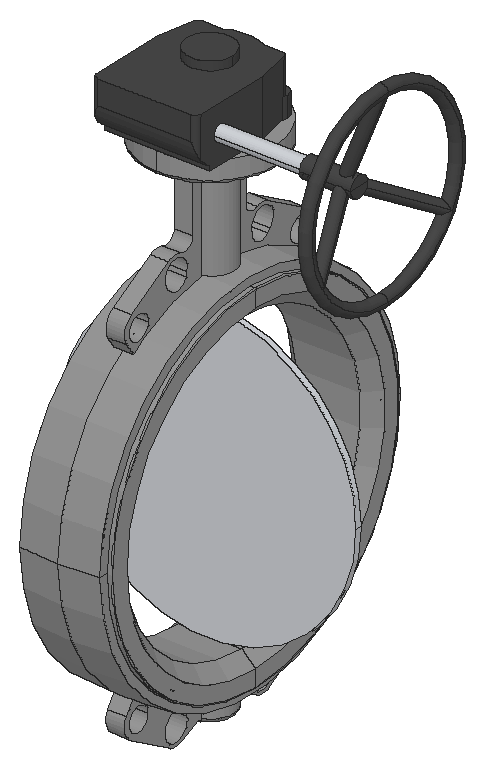
Revit family "HERZ Isolating Butterfly Valves ZF-4219 with gearbox", category Rohrzubehör, Revit 2021 (continued)
Automatic sketch dimensions
  Extrusion 8 sketch curve to Extrusion 8 sketch curve = 0.007 mm  (x2)
  Extrusion 8 sketch curve to Extrusion 8 sketch curve = 11.662 mm  (x2)
  Extrusion 8 sketch curve to Extrusion 8 sketch curve = 7.405 mm
  Extrusion 8 sketch curve to Extrusion 8 sketch curve = 9.76 mm  (x2)
  Extrusion 8 sketch curve to Extrusion 8 sketch curve = 46.144 mm
  Extrusion 8 sketch curve to Extrusion 8 sketch curve = 0.006 mm
  Extrusion 8 sketch curve to Extrusion 8 sketch curve = 0.159 mm  (x2)
  Extrusion 8 sketch curve to Extrusion 8 sketch curve = 0.225 mm  (x2)
  Extrusion 8 sketch curve to Extrusion 8 sketch curve = 3.156 mm
  Extrusion 7 sketch curve to Extrusion 7 sketch curve = 0 mm  (x29)
  Extrusion 7 sketch curve to level = 0 mm
  Extrusion 7 sketch curve to plane 1 "Mitte (Vorne/hinten)" = 0 mm
  Extrusion 7 sketch curve to Extrusion 7 sketch curve = 4.987 mm  (x2)
  plane 1 "Mitte (Vorne/hinten)" to Extrusion 7 sketch curve = 42.642 mm
  Extrusion 7 sketch curve to Extrusion 7 sketch curve = 3.28 mm  (x2)
  Extrusion 7 sketch curve to Extrusion 7 sketch curve = 14.935 mm  (x2)
  Extrusion 7 sketch curve to Extrusion 7 sketch curve = 11.589 mm  (x2)
  Extrusion 7 sketch curve to Extrusion 7 sketch curve = 14.868 mm  (x2)
  Extrusion 7 sketch curve to Extrusion 7 sketch curve = 33.628 mm  (x4)
  Extrusion 7 sketch curve to Extrusion 7 sketch curve = 3.946 mm  (x4)
  Extrusion 7 sketch curve to Extrusion 7 sketch curve = 12.021 mm  (x8)
  Extrusion 7 sketch curve to Extrusion 7 sketch curve = 8.075 mm  (x8)
  plane 1 "Mitte (Vorne/hinten)" to Extrusion 7 sketch curve = 21.03 mm
  Extrusion 7 sketch curve to Extrusion 7 sketch curve = 5.5 mm
  Extrusion 7 sketch curve to Extrusion 7 sketch curve = 0.54 mm  (x2)
  Extrusion 7 sketch curve to Extrusion 7 sketch curve = 0.103 mm
  Extrusion 7 sketch curve to Extrusion 7 sketch curve = 1.99 mm  (x2)
  plane 1 "Mitte (Vorne/hinten)" to Extrusion 7 sketch curve = 18.5 mm
  Extrusion 7 sketch curve to plane 1 "Mitte (Vorne/hinten)" = 18.5 mm  (x2)
  Extrusion 7 sketch curve to Extrusion 7 sketch curve = 1.897 mm
  Extrusion 7 sketch curve to Extrusion 7 sketch curve = 2 mm
  Extrusion 7 sketch curve to Extrusion 7 sketch curve = 21.612 mm
  Extrusion 7 sketch curve to level = 59.454 mm  (x2)
  Extrusion 7 sketch curve to Extrusion 7 sketch curve = 10.049 mm  (x4)
  Extrusion 7 sketch curve to Extrusion 7 sketch curve = 20.666 mm  (x2)
  Extrusion 7 sketch curve to Extrusion 7 sketch curve = 1.725 mm  (x2)
  Extrusion 7 sketch curve to Extrusion 7 sketch curve = 12.438 mm  (x4)
  level to Extrusion 7 sketch curve = 59.454 mm  (x2)
  Extrusion 7 sketch curve to Extrusion 7 sketch curve = 15.768 mm  (x2)
  Extrusion 7 sketch curve to Extrusion 7 sketch curve = 0.361 mm  (x2)
  Extrusion 7 sketch curve to Extrusion 7 sketch curve = 69.242 mm
  Extrusion 7 sketch curve to Extrusion 7 sketch curve = 0.014 mm
  Extrusion 7 sketch curve to Extrusion 7 sketch curve = 0.29 mm  (x2)
  Extrusion 6 sketch curve to Extrusion 6 sketch curve = 0 mm  (x31)
  Extrusion 6 sketch curve to level = 0 mm
  Extrusion 6 sketch curve to plane 1 "Mitte (Vorne/hinten)" = 0 mm
  plane 1 "Mitte (Vorne/hinten)" to Extrusion 6 sketch curve = 18.5 mm  (x2)
  Extrusion 6 sketch curve to Extrusion 6 sketch curve = 1.897 mm  (x2)
  Extrusion 6 sketch curve to Extrusion 6 sketch curve = 2 mm
  Extrusion 6 sketch curve to Extrusion 6 sketch curve = 4.154 mm  (x2)
  Extrusion 6 sketch curve to Extrusion 6 sketch curve = 5.603 mm
  Extrusion 6 sketch curve to Extrusion 6 sketch curve = 12 mm  (x2)
  Extrusion 6 sketch curve to Extrusion 6 sketch curve = 21.682 mm  (x2)
  Extrusion 6 sketch curve to Extrusion 6 sketch curve = 2.182 mm  (x2)
  Extrusion 6 sketch curve to Extrusion 6 sketch curve = 11.109 mm  (x4)
  Extrusion 6 sketch curve to Extrusion 6 sketch curve = 30.529 mm  (x4)
  Extrusion 6 sketch curve to Extrusion 6 sketch curve = 4.781 mm  (x4)
  Extrusion 6 sketch curve to Extrusion 6 sketch curve = 1.414 mm  (x8)
  Extrusion 6 sketch curve to Extrusion 6 sketch curve = 7.24 mm  (x8)
  Extrusion 6 sketch curve to Extrusion 6 sketch curve = 12.021 mm  (x8)
  Extrusion 6 sketch curve to plane 1 "Mitte (Vorne/hinten)" = 18.5 mm
  Extrusion 6 sketch curve to Extrusion 6 sketch curve = 7.5 mm
  Extrusion 6 sketch curve to Extrusion 6 sketch curve = 0.103 mm
  Extrusion 6 sketch curve to level = 50.036 mm  (x2)
  Extrusion 6 sketch curve to Extrusion 6 sketch curve = 17.112 mm  (x2)
  Extrusion 6 sketch curve to Extrusion 6 sketch curve = 9.185 mm  (x4)
  Extrusion 6 sketch curve to Extrusion 6 sketch curve = 20.608 mm  (x2)
  Extrusion 6 sketch curve to Extrusion 6 sketch curve = 12.868 mm  (x3)
  Extrusion 6 sketch curve to Extrusion 6 sketch curve = 9.096 mm  (x2)
  level to Extrusion 6 sketch curve = 50.036 mm  (x2)
  Extrusion 6 sketch curve to Extrusion 6 sketch curve = 17 mm
  Extrusion 6 sketch curve to Extrusion 6 sketch curve = 56.845 mm
  Extrusion 6 sketch curve to Extrusion 6 sketch curve = 0.017 mm
  Extrusion 6 sketch curve to Extrusion 6 sketch curve = 0.29 mm  (x2)
  Extrusion 5 sketch curve to Extrusion 5 sketch curve = 0 mm  (x25)
  Extrusion 5 sketch curve to level = 0 mm
  Extrusion 5 sketch curve to plane 1 "Mitte (Vorne/hinten)" = 0 mm
  plane 1 "Mitte (Vorne/hinten)" to Extrusion 5 sketch curve = 18.5 mm  (x2)
  Extrusion 5 sketch curve to Extrusion 5 sketch curve = 0.579 mm  (x2)
  Extrusion 5 sketch curve to Extrusion 5 sketch curve = 1.897 mm  (x2)
  Extrusion 5 sketch curve to Extrusion 5 sketch curve = 0.103 mm
  Extrusion 5 sketch curve to Extrusion 5 sketch curve = 5.603 mm
  Extrusion 5 sketch curve to Extrusion 5 sketch curve = 15.942 mm  (x4)
  Extrusion 5 sketch curve to Extrusion 5 sketch curve = 13 mm  (x2)
  Extrusion 5 sketch curve to Extrusion 5 sketch curve = 11.367 mm  (x4)
  Extrusion 5 sketch curve to Extrusion 5 sketch curve = 25.663 mm  (x4)
  Extrusion 5 sketch curve to Extrusion 5 sketch curve = 4.027 mm  (x4)
  Extrusion 5 sketch curve to Extrusion 5 sketch curve = 12.021 mm  (x5)
  Extrusion 5 sketch curve to Extrusion 5 sketch curve = 9.55 mm  (x4)
  Extrusion 5 sketch curve to Extrusion 5 sketch curve = 7.5 mm
  Extrusion 5 sketch curve to plane 1 "Mitte (Vorne/hinten)" = 18.5 mm  (x2)
  Extrusion 5 sketch curve to Extrusion 5 sketch curve = 2 mm
  Extrusion 5 sketch curve to level = 38.887 mm  (x2)
  Extrusion 5 sketch curve to Extrusion 5 sketch curve = 10.986 mm  (x3)
  Extrusion 5 sketch curve to Extrusion 5 sketch curve = 10.231 mm  (x3)
  Extrusion 5 sketch curve to Extrusion 5 sketch curve = 10.467 mm  (x4)
  Extrusion 5 sketch curve to Extrusion 5 sketch curve = 12.18 mm  (x2)
  Extrusion 5 sketch curve to Extrusion 5 sketch curve = 12.641 mm  (x4)
  Extrusion 5 sketch curve to Extrusion 5 sketch curve = 9.983 mm  (x2)
  level to Extrusion 5 sketch curve = 38.887 mm  (x2)
  Extrusion 5 sketch curve to Extrusion 5 sketch curve = 21.217 mm
  Extrusion 5 sketch curve to Extrusion 5 sketch curve = 16.969 mm  (x2)
  Extrusion 5 sketch curve to Extrusion 5 sketch curve = 51.117 mm
  Extrusion 5 sketch curve to Extrusion 5 sketch curve = 0.01 mm
  Extrusion 5 sketch curve to Extrusion 5 sketch curve = 0.29 mm  (x2)
  level to Extrusion 5 sketch curve = 49.873 mm
  Extrusion 4 sketch curve to Extrusion 4 sketch curve = 0 mm  (x28)
  Extrusion 4 sketch curve to level = 0 mm
  Extrusion 4 sketch curve to plane 1 "Mitte (Vorne/hinten)" = 0 mm
  plane 1 "Mitte (Vorne/hinten)" to Extrusion 4 sketch curve = 18.5 mm  (x2)
  Extrusion 4 sketch curve to Extrusion 4 sketch curve = 1.897 mm  (x2)
  Extrusion 4 sketch curve to Extrusion 4 sketch curve = 0.103 mm  (x2)
  Extrusion 4 sketch curve to Extrusion 4 sketch curve = 5.603 mm  (x2)
  Extrusion 4 sketch curve to Extrusion 4 sketch curve = 12.115 mm  (x4)
  Extrusion 4 sketch curve to Extrusion 4 sketch curve = 9 mm  (x2)
  Extrusion 4 sketch curve to Extrusion 4 sketch curve = 11.39 mm  (x2)
  Extrusion 4 sketch curve to Extrusion 4 sketch curve = 7.005 mm  (x2)
  Extrusion 4 sketch curve to Extrusion 4 sketch curve = 22.772 mm  (x4)
  Extrusion 4 sketch curve to Extrusion 4 sketch curve = 4.597 mm  (x4)
  Extrusion 4 sketch curve to Extrusion 4 sketch curve = 1.485 mm  (x4)
  Extrusion 4 sketch curve to Extrusion 4 sketch curve = 12.021 mm  (x4)
  Extrusion 4 sketch curve to Extrusion 4 sketch curve = 9.247 mm  (x4)
  Extrusion 4 sketch curve to plane 1 "Mitte (Vorne/hinten)" = 18.5 mm  (x2)
  Extrusion 4 sketch curve to level = 31.935 mm  (x2)
  Extrusion 4 sketch curve to Extrusion 4 sketch curve = 1.34 mm  (x4)
  Extrusion 4 sketch curve to Extrusion 4 sketch curve = 10.245 mm  (x4)
  Extrusion 4 sketch curve to Extrusion 4 sketch curve = 9.866 mm  (x4)
  Extrusion 4 sketch curve to Extrusion 4 sketch curve = 9.447 mm  (x4)
  Extrusion 4 sketch curve to Extrusion 4 sketch curve = 11.077 mm  (x4)
  Extrusion 4 sketch curve to Extrusion 4 sketch curve = 11.926 mm  (x2)
  level to Extrusion 4 sketch curve = 31.935 mm  (x2)
  Extrusion 4 sketch curve to Extrusion 4 sketch curve = 12.62 mm  (x2)
  Extrusion 4 sketch curve to Extrusion 4 sketch curve = 12.99 mm  (x2)
  Extrusion 4 sketch curve to Extrusion 4 sketch curve = 41.354 mm
  Extrusion 4 sketch curve to Extrusion 4 sketch curve = 0.018 mm
  Extrusion 4 sketch curve to Extrusion 4 sketch curve = 0.29 mm  (x2)
  Extrusion 3 sketch curve to Extrusion 3 sketch curve = 0 mm  (x23)
  Extrusion 3 sketch curve to level = 0 mm
  Extrusion 3 sketch curve to plane 1 "Mitte (Vorne/hinten)" = 0 mm
  plane 1 "Mitte (Vorne/hinten)" to Extrusion 3 sketch curve = 18 mm
  Extrusion 3 sketch curve to Extrusion 3 sketch curve = 1.897 mm  (x2)
  Extrusion 3 sketch curve to Extrusion 3 sketch curve = 0.103 mm  (x2)
  plane 1 "Mitte (Vorne/hinten)" to Extrusion 3 sketch curve = 22.391 mm
  Extrusion 3 sketch curve to Extrusion 3 sketch curve = 1.414 mm  (x14)
  Extrusion 3 sketch curve to Extrusion 3 sketch curve = 6.103 mm  (x2)
  Extrusion 3 sketch curve to Extrusion 3 sketch curve = 2 mm  (x2)
  Extrusion 3 sketch curve to Extrusion 3 sketch curve = 7.709 mm  (x4)
  Extrusion 3 sketch curve to Extrusion 3 sketch curve = 13.318 mm  (x5)
  Extrusion 3 sketch curve to Extrusion 3 sketch curve = 15.842 mm  (x5)
  Extrusion 3 sketch curve to Extrusion 3 sketch curve = 10.233 mm
  Extrusion 3 sketch curve to Extrusion 3 sketch curve = 3.184 mm  (x7)
  Extrusion 3 sketch curve to Extrusion 3 sketch curve = 6.315 mm  (x8)
  Extrusion 3 sketch curve to Extrusion 3 sketch curve = 3.021 mm  (x4)
  Extrusion 3 sketch curve to Extrusion 3 sketch curve = 5.303 mm  (x8)
  Extrusion 3 sketch curve to level = 23.805 mm  (x2)
  Extrusion 3 sketch curve to Extrusion 3 sketch curve = 3.106 mm  (x6)
  level to Extrusion 3 sketch curve = 23.805 mm  (x2)
  Extrusion 3 sketch curve to Extrusion 3 sketch curve = 6.654 mm  (x4)
  Extrusion 3 sketch curve to Extrusion 3 sketch curve = 9.77 mm  (x4)
  Extrusion 3 sketch curve to plane 1 "Mitte (Vorne/hinten)" = 18 mm
  Extrusion 3 sketch curve to plane 1 "Mitte (Vorne/hinten)" = 22.391 mm
  Extrusion 3 sketch curve to Extrusion 3 sketch curve = 5.708 mm  (x2)
  Extrusion 3 sketch curve to Extrusion 3 sketch curve = 3.131 mm
  level to Extrusion 3 sketch curve = 42.831 mm
  Extrusion 3 sketch curve to Extrusion 3 sketch curve = 4.045 mm
  Extrusion 3 sketch curve to Extrusion 3 sketch curve = 12.379 mm
  Extrusion 3 sketch curve to Extrusion 3 sketch curve = 68.43 mm
  Extrusion 3 sketch curve to Extrusion 3 sketch curve = 0.003 mm
  Extrusion 3 sketch curve to Extrusion 3 sketch curve = 0.316 mm  (x2)
  curve 12 to level = 0 mm
  curve 12 to plane 3 "Mitte (Links/rechts)" = 0 mm
  plane 1 "Mitte (Vorne/hinten)" to curve 6 = 0 mm
  curve 6 to plane 3 "Mitte (Links/rechts)" = 0 mm
  Revolve 1 sketch curve to plane 1 "Mitte (Vorne/hinten)" = 0 mm
  Revolve 1 sketch curve to Revolve 1 sketch curve = 0.987 mm
  Revolve 1 sketch curve to Revolve 1 sketch curve = 1.5 mm  (x4)
  Revolve 1 sketch curve to Revolve 1 sketch curve = 0.513 mm
  Revolve 1 sketch curve to Revolve 1 sketch curve = 0.915 mm  (x2)
  Revolve 1 sketch curve to Revolve 1 sketch curve = 1978.5 mm  (x2)
  Revolve 11 sketch curve to plane 1 "Mitte (Vorne/hinten)" = 0 mm  (x2)
  Revolve 11 sketch curve to Revolve 11 sketch curve = 3 mm
  Revolve 11 sketch curve to Revolve 11 sketch curve = 459.992 mm
  level to Revolve 11 sketch curve = 2741.474 mm
  Revolve 12 sketch curve to plane 1 "Mitte (Vorne/hinten)" = 0 mm  (x3)
  Revolve 12 sketch curve to Revolve 12 sketch curve = 1.895 mm
  Revolve 12 sketch curve to Revolve 12 sketch curve = 2 mm  (x2)
  Revolve 12 sketch curve to Revolve 12 sketch curve = 0.105 mm
  Revolve 12 sketch curve to level = 520.992 mm
  Revolve 12 sketch curve to Revolve 12 sketch curve = 2616.474 mm
  Revolve 13 sketch curve to level = 0 mm
  Revolve 13 sketch curve to Revolve 13 sketch curve = 1.492 mm
  Revolve 13 sketch curve to Revolve 13 sketch curve = 0.18 mm  (x2)
  Revolve 13 sketch curve to Revolve 13 sketch curve = 5.027 mm
  Revolve 13 sketch curve to Revolve 13 sketch curve = 1 mm
  Revolve 13 sketch curve to Revolve 13 sketch curve = 0.999 mm  (x2)
  Revolve 13 sketch curve to Revolve 13 sketch curve = 0.27 mm
  Revolve 13 sketch curve to Revolve 13 sketch curve = 0.957 mm
  Revolve 13 sketch curve to Revolve 13 sketch curve = 1328.99 mm
  Revolve 13 sketch curve to Revolve 13 sketch curve = 1875.983 mm
  Extrusion 14 sketch curve to level = 0 mm
  Extrusion 14 sketch curve to plane 3 "Mitte (Links/rechts)" = 0 mm
  radius of Extrusion 10 sketch curve = 12 mm  (x4)
  radius of Extrusion 9 sketch curve = 9.5 mm  (x4)
  radius of Extrusion 9 sketch curve = 14 mm  (x4)
  radius of Extrusion 7 sketch curve = 11.5 mm  (x4)
  radius of Extrusion 7 sketch curve = 9.5 mm  (x4)
  radius of Extrusion 6 sketch curve = 9.5 mm  (x8)
  radius of Extrusion 5 sketch curve = 9.5 mm  (x8)
  radius of Extrusion 4 sketch curve = 9.5 mm  (x8)
  radius of curve 12 = 7 mm
  radius of curve 6 = 5 mm
Nested families
  nested 1: "Herz-Logo-vorne" at (-23, 0, 197.5), type "Herz-Logo-vorne"
  nested 2: "Getriebe für Klappe DN50-DN200" at (0, 0, 125), visible <- "DN 50", type "Getriebe für Klappe DN50-DN200"
  nested 3: "Getriebe für Klappe DN50-DN200" at (0, 0, 149.5), visible <- "DN 65", type "Getriebe für Klappe DN50-DN200"
  nested 4: "Getriebe für Klappe DN50-DN200" at (0, 0, 156.5), visible <- "DN 80", type "Getriebe für Klappe DN50-DN200"
  nested 5: "Getriebe für Klappe DN50-DN200" at (0, 0, 182), visible <- "DN100", type "Getriebe für Klappe DN50-DN200"
  nested 6: "Getriebe für Klappe DN50-DN200" at (0, 0, 201), visible <- "DN125", type "Getriebe für Klappe DN50-DN200"
  nested 7: "Getriebe für Klappe DN50-DN200" at (0, 0, 214), visible <- "DN150", type "Getriebe für Klappe DN50-DN200"
  nested 8: "Getriebe für Klappe DN50-DN200" at (0, 0, 245), visible <- "DN200", type "Getriebe für Klappe DN50-DN200"
  nested 9: "Getriebe für Klappe DN250-DN300" at (0, 0, 283), visible <- "DN250", type "Getriebe für Klappe DN250-DN300"
  nested 10: "Getriebe für Klappe DN250-DN300" at (0, 0, 308), visible <- "DN300", type "Getriebe für Klappe DN250-DN300"
Connectors
  piping at (44.7, 0, 0), diameter 300, driven by "Nennweite"
    settings: on Revolve 13, index 1, connector inside diameter 609.6 mm, connector length 0 mm, flow factor 0, pipe flow 0.0 L/s, pressure drop 0.0 Pa, fitting loss kfactor 0, connector angle 0.00°, fixture units 0, engagement length 0 mm, angle of deflection 0.00°, flow configuration 0, flow direction 0, fitting loss method 0, system type 29, joint type 0, gender type 0, connector reference index -1, connector utility 0, adjustable connector no, is connector primary yes, connector description ""
  piping at (-44.7, 0, 0), diameter 300, driven by "Nennweite"
    settings: on Revolve 13, index 2, connector inside diameter 609.6 mm, connector length 0 mm, flow factor 0, pipe flow 0.0 L/s, pressure drop 0.0 Pa, fitting loss kfactor 0, connector angle 0.00°, fixture units 0, engagement length 0 mm, angle of deflection 0.00°, flow configuration 0, flow direction 0, fitting loss method 0, system type 29, joint type 0, gender type 0, connector reference index -1, connector utility 0, adjustable connector no, is connector primary no, connector description ""
Definition of nested family "Herz-Logo-vorne"
  Parameters (values of type "Herz-Logo-vorne")
    Default Elevation = 0 mm
  Reference planes
    plane 1 "Mitte (Vorne/hinten)": y = 0
    plane 2: z = 0
    plane 3 "Mitte (Links/rechts)": x = 0
  Forms (mm)
    Extrusion 1, solid
      sketch origin (0.732, -0.018, 0.017) x (0, -1, 0) y (0, 0, 1)
        loop
          line (-0.018, -4.517) -> (4.482, -4.517) -> (4.482, 4.483) -> (-4.518, 4.483) -> (-4.518, -4.517) -> (-0.018, -4.517)
        loop
          line (-0.05, -3.48) -> (3.482, -3.48) -> (3.482, 3.483) -> (-3.518, 3.483) -> (-3.518, -3.48) -> (-0.05, -3.48)
        loop
          arc (-0.018, 2.383) -> (-1.543, 3.287) -> (-3.067, 2.383) r 1.738
          arc (-3.067, 2.383) -> (-3.191, 1.899) -> (-3.067, 1.415) r 1.009
          line (-3.067, 1.415) -> (-0.018, -3.281) -> (3.032, 1.415)
          arc (3.032, 1.415) -> (3.156, 1.899) -> (3.032, 2.383) r 1.009
          arc (3.032, 2.383) -> (1.507, 3.287) -> (-0.018, 2.383) r 1.738
        loop
          arc (1.885, 1.272) -> (2.005, 1.675) -> (1.885, 2.079) r 0.74
          arc (1.885, 2.079) -> (1.265, 2.416) -> (0.644, 2.079) r 0.74
          line (0.644, 2.079) -> (-0.018, 0.97) -> (-0.679, 2.079)
          arc (-0.679, 2.079) -> (-1.3, 2.416) -> (-1.921, 2.079) r 0.74
          arc (-1.921, 2.079) -> (-2.04, 1.675) -> (-1.921, 1.272) r 0.74
          line (-1.921, 1.272) -> (-0.018, -1.658) -> (1.885, 1.272)
      from 0 to 1.5
  Dimensions and locks
    aligned and locked: level to plane 2
Definition of nested family "Getriebe für Klappe DN50-DN200"
  Parameters (values of type "Getriebe für Klappe DN50-DN200")
    W01 = 11.19°  # constant formula
    Default Elevation = 0 mm
    URL = "www.herz-armaturen.at"
    R07 = 92 mm  # constant formula
    R06 = 6 mm  # constant formula
    R05 = 10 mm  # constant formula
    R04 = 7.5 mm  # constant formula
    R03 = 10.5 mm  # constant formula
    R02 = 5.4 mm  # constant formula
    R01 = 44.9 mm  # constant formula
    M01 = 37 mm  # constant formula
    L03 = 52 mm  # constant formula
    L02 = 39.6 mm  # constant formula
    L01 = 80 mm  # constant formula
    Manufacturer = "Herz-Armaturen GmbH"  # constant formula
    H03 = 28.6 mm  # constant formula
    H02 = 20 mm  # constant formula
    H01 = 54 mm  # constant formula
    B05 = 209 mm  # constant formula
    B04 = 22 mm  # constant formula
    B03 = 50 mm  # constant formula
    B02 = 159 mm  # constant formula
    B01 = 51 mm  # constant formula
    A01 = 28.6 mm  # constant formula
  Reference planes
    plane 1 "Mitte (Vorne/hinten)": y = 0
    plane 2: z = 0
    plane 3 "Mitte (Links/rechts)": x = 0
  Forms (mm)
    Extrusion 1, solid, detail levels fine
      sketch origin (0, 0, 0) x (1, 0, 0) y (0, 1, 0)
        loop
          line (51, 0) -> (43.999, 35.392)
          arc (43.999, 35.392) -> (42.103, 38.419) -> (38.732, 39.6) r 5.4
          line (38.732, 39.6) -> (20.252, 39.6)
          arc (20.252, 39.6) -> (0, 44.427) -> (-20.252, 39.6) r 44.9
          line (-20.252, 39.6) -> (-38.732, 39.6)
          arc (-38.732, 39.6) -> (-42.103, 38.419) -> (-43.999, 35.392) r 5.4
          line (-43.999, 35.392) -> (-51, 0) -> (-51, -74.6)
          arc (-51, -74.6) -> (-49.418, -78.418) -> (-45.6, -80) r 5.4
          line (-45.6, -80) -> (45.6, -80)
          arc (45.6, -80) -> (49.418, -78.418) -> (51, -74.6) r 5.4
          line (51, -74.6) -> (51, 0)
      from 0 to 54
    Extrusion 2, solid, detail levels fine
      sketch origin (0, 0, 0) x (1, 0, 0) y (0, 1, 0)
        loop
          circle (-35.7, 37) r 10.5
        loop
          circle (35.7, 37) r 10.5
      from 0 to 20
    Extrusion 3, void
      sketch origin (0, 0, 0) x (0, 1, 0) y (0, 0, 1)
        loop
          line (-80, 0) -> (-64.573, 0) -> (-64.573, 4.9)
          arc (-64.573, 4.9) -> (-75.841, 15.433) -> (-80, 30.286) r 28.6
          line (-80, 30.286) -> (-80, 0)
      from -51 to 51
    Revolve 4, solid, detail levels fine
      sketch origin (0, 0, 28.6) x (1, 0, 0) y (0, 1, 0)
        loop
          line (0, -52) -> (0, -59.5) -> (159, -59.5) -> (159, -52) -> (0, -52)
        axis (0, -52) -> (159, -52)
      angle from 0 to 360
    Extrusion 5, solid, detail levels fine
      sketch origin (0, 0, 0) x (1, 0, 0) y (0, 1, 0)
        loop
          circle (0, 0) r 22.3
      from 54 to 63
    Revolve 6, solid, detail levels fine
      sketch origin (0, -52, 28.6) x (1, 0, 0) y (0, 0, 1)
        loop
          circle (209, 92) r 6
        axis (203, 0) -> (215, 0)
      angle from 0 to 360
    Revolve 7, solid, detail levels fine
      sketch origin (0, -52, 0) x (1, 0, 0) y (0, 0, 1)
        loop
          line (209, 120.6) -> (172, 28.6) -> (177.567, 26.361) -> (214.567, 118.361) -> (209, 120.6)
        axis (172, 28.6) -> (209, 120.6)
      angle from 0 to 360
    Revolve 8, solid, detail levels fine
      sketch origin (0, 0, 28.6) x (1, 0, 0) y (0, 1, 0)
        loop
          line (137, -59.5) -> (137, -62) -> (187, -62) -> (187, -52) -> (159, -52) -> (159, -59.5) -> (137, -59.5)
        axis (137, -52) -> (187, -52)
      angle from 0 to 360
    Revolve 9, solid, detail levels fine
      sketch origin (0, -27.232, 42.9) x (1, 0, 0) y (0, -0.866025, -0.5)
        loop
          line (209, 120.6) -> (172, 28.6) -> (177.567, 26.361) -> (214.567, 118.361) -> (209, 120.6)
        axis (172, 28.6) -> (209, 120.6)
      angle from 0 to 360
    Revolve 10, solid, detail levels fine
      sketch origin (0, -76.768, 42.9) x (1, 0, 0) y (0, 0.866025, -0.5)
        loop
          line (209, 120.6) -> (172, 28.6) -> (177.567, 26.361) -> (214.567, 118.361) -> (209, 120.6)
        axis (172, 28.6) -> (209, 120.6)
      angle from 0 to 360
  Cuts and joins
    Extrusion 3 cuts Extrusion 1
  Dimensions and locks
    "B01": Extrusion 1 sketch curve to plane 3 "Mitte (Links/rechts)"
    "B01": plane 3 "Mitte (Links/rechts)" to Extrusion 1 sketch curve
    "L02": plane 1 "Mitte (Vorne/hinten)" to Extrusion 1 sketch curve  (x2)
    "L01": Extrusion 1 sketch curve to plane 1 "Mitte (Vorne/hinten)"
    "M01": plane 1 "Mitte (Vorne/hinten)" to Extrusion 2 sketch curve  (x2)
    "H01": Extrusion 1 to plane 2
    "H02": Extrusion 2 to plane 2
    "L03": Revolve 4 sketch curve to plane 1 "Mitte (Vorne/hinten)"
    "R04": Revolve 4 sketch curve to Revolve 4 sketch curve
    "B02": Revolve 4 sketch curve to Revolve 4 sketch curve
    "H03": Revolve 8 to plane 2
    "H03": Revolve 4 to plane 2
    "L03": Revolve 8 sketch curve to plane 1 "Mitte (Vorne/hinten)"
    "B02": plane 3 "Mitte (Links/rechts)" to Revolve 8 sketch curve
    "R05": Revolve 8 sketch curve to Revolve 8 sketch curve
    "B03": Revolve 8 sketch curve to Revolve 8 sketch curve
    "B04": Revolve 8 sketch curve to Revolve 8 sketch curve
    "R04": Revolve 8 sketch curve to Revolve 8 sketch curve
    "B05": Revolve 6 sketch curve to plane 3 "Mitte (Links/rechts)"
    "R07": Revolve 6 sketch curve to Revolve 6 sketch curve
    "A01": plane 2 to Revolve 6 sketch curve
    "R02": radius of Extrusion 1 sketch curve  (x4)
    "R01": radius of Extrusion 1 sketch curve
    "R03": radius of Extrusion 2 sketch curve  (x2)
    "R06": radius of Revolve 6 sketch curve
    "W01": angle Extrusion 1 sketch curve to Extrusion 1 sketch curve  (x2)
    aligned and locked: level to plane 2
  Automatic sketch dimensions
    Extrusion 3 sketch curve to level = 0 mm
    plane 1 "Mitte (Vorne/hinten)" to Extrusion 3 sketch curve = 80 mm
    Extrusion 3 sketch curve to Extrusion 3 sketch curve = 15.427 mm
    Extrusion 3 sketch curve to Extrusion 3 sketch curve = 13.173 mm
    level to Extrusion 3 sketch curve = 4.9 mm
    plane 1 "Mitte (Vorne/hinten)" to Extrusion 5 sketch curve = 0 mm
    Extrusion 5 sketch curve to plane 3 "Mitte (Links/rechts)" = 0 mm
    level to Revolve 7 sketch curve = 28.6 mm  (x2)
    plane 3 "Mitte (Links/rechts)" to Revolve 7 sketch curve = 172 mm
    level to Revolve 7 sketch curve = 26.361 mm
    Revolve 7 sketch curve to Revolve 7 sketch curve = 5.567 mm
    level to Revolve 7 sketch curve = 120.6 mm
    Revolve 7 sketch curve to Revolve 7 sketch curve = 0 mm  (x3)
    plane 3 "Mitte (Links/rechts)" to Revolve 10 sketch curve = 172 mm
    Revolve 10 sketch curve to Revolve 10 sketch curve = 5.567 mm
    Revolve 10 sketch curve to Revolve 10 sketch curve = 37 mm
    Revolve 10 sketch curve to Revolve 10 sketch curve = 2.239 mm
    Revolve 10 sketch curve to Revolve 10 sketch curve = 0 mm  (x4)
    plane 3 "Mitte (Links/rechts)" to Revolve 9 sketch curve = 172 mm
    Revolve 9 sketch curve to Revolve 9 sketch curve = 5.567 mm
    Revolve 9 sketch curve to Revolve 9 sketch curve = 37 mm
    Revolve 9 sketch curve to Revolve 9 sketch curve = 2.239 mm
    Revolve 9 sketch curve to Revolve 9 sketch curve = 0 mm  (x4)
    Extrusion 1 sketch curve to plane 3 "Mitte (Links/rechts)" = 0 mm
    plane 1 "Mitte (Vorne/hinten)" to Extrusion 1 sketch curve = 0 mm  (x2)
    Extrusion 1 sketch curve to plane 1 "Mitte (Vorne/hinten)" = 35.392 mm
    Extrusion 1 sketch curve to Extrusion 1 sketch curve = 18.48 mm  (x2)
    Extrusion 2 sketch curve to plane 3 "Mitte (Links/rechts)" = 35.7 mm
    plane 3 "Mitte (Links/rechts)" to Extrusion 2 sketch curve = 35.7 mm
    Revolve 4 sketch curve to plane 3 "Mitte (Links/rechts)" = 0 mm  (x2)
    Revolve 4 sketch curve to Revolve 4 sketch curve = 0 mm  (x2)
    Revolve 6 sketch curve to plane 3 "Mitte (Links/rechts)" = 1506.53 mm
    Revolve 6 sketch curve to Revolve 6 sketch curve = 1630.148 mm
    Revolve 8 sketch curve to Revolve 8 sketch curve = 7.5 mm
    Revolve 8 sketch curve to Revolve 8 sketch curve = 0 mm  (x2)
    radius of Extrusion 5 sketch curve = 22.3 mm
Definition of nested family "Getriebe für Klappe DN250-DN300"
  Parameters (values of type "Getriebe für Klappe DN250-DN300")
    W01 = 11.19°  # constant formula
    Default Elevation = 0 mm
    URL = "www.herz-armaturen.at"
    R07 = 92 mm  # constant formula
    R06 = 6 mm  # constant formula
    R05 = 10 mm  # constant formula
    R04 = 7.5 mm  # constant formula
    R03 = 10.5 mm  # constant formula
    R02 = 5.4 mm  # constant formula
    R01 = 44.9 mm  # constant formula
    M01 = 37 mm  # constant formula
    L03 = 52 mm  # constant formula
    L02 = 39.6 mm  # constant formula
    L01 = 80 mm  # constant formula
    Manufacturer = "Herz-Armaturen GmbH"  # constant formula
    H03 = 28.6 mm  # constant formula
    H02 = 20 mm  # constant formula
    H01 = 54 mm  # constant formula
    B05 = 209 mm  # constant formula
    B04 = 22 mm  # constant formula
    B03 = 50 mm  # constant formula
    B02 = 159 mm  # constant formula
    B01 = 51 mm  # constant formula
    A01 = 28.6 mm  # constant formula
  Reference planes
    plane 1 "Mitte (Vorne/hinten)": y = 0
    plane 2: z = 0
    plane 3 "Mitte (Links/rechts)": x = 0
  Forms (mm)
    Extrusion 1, solid, detail levels fine
      sketch origin (0, 0, 0) x (1, 0, 0) y (0, 1, 0)
        loop
          line (51, 0) -> (43.999, 35.392)
          arc (43.999, 35.392) -> (42.103, 38.419) -> (38.732, 39.6) r 5.4
          line (38.732, 39.6) -> (20.252, 39.6)
          arc (20.252, 39.6) -> (0, 44.427) -> (-20.252, 39.6) r 44.9
          line (-20.252, 39.6) -> (-38.732, 39.6)
          arc (-38.732, 39.6) -> (-42.103, 38.419) -> (-43.999, 35.392) r 5.4
          line (-43.999, 35.392) -> (-51, 0) -> (-51, -74.6)
          arc (-51, -74.6) -> (-49.418, -78.418) -> (-45.6, -80) r 5.4
          line (-45.6, -80) -> (45.6, -80)
          arc (45.6, -80) -> (49.418, -78.418) -> (51, -74.6) r 5.4
          line (51, -74.6) -> (51, 0)
      from 0 to 54
    Extrusion 2, solid, detail levels fine
      sketch origin (0, 0, 0) x (1, 0, 0) y (0, 1, 0)
        loop
          circle (-35.7, 37) r 10.5
        loop
          circle (35.7, 37) r 10.5
      from 0 to 20
    Extrusion 3, void
      sketch origin (0, 0, 0) x (0, 1, 0) y (0, 0, 1)
        loop
          line (-80, 0) -> (-64.573, 0) -> (-64.573, 4.9)
          arc (-64.573, 4.9) -> (-75.841, 15.433) -> (-80, 30.286) r 28.6
          line (-80, 30.286) -> (-80, 0)
      from -51 to 51
    Revolve 4, solid, detail levels fine
      sketch origin (0, 0, 28.6) x (1, 0, 0) y (0, 1, 0)
        loop
          line (0, -52) -> (0, -59.5) -> (159, -59.5) -> (159, -52) -> (0, -52)
        axis (0, -52) -> (159, -52)
      angle from 0 to 360
    Extrusion 5, solid, detail levels fine
      sketch origin (0, 0, 0) x (1, 0, 0) y (0, 1, 0)
        loop
          circle (0, 0) r 22.3
      from 54 to 62.5
    Revolve 6, solid, detail levels fine
      sketch origin (0, -52, 28.6) x (1, 0, 0) y (0, 0, 1)
        loop
          circle (209, 92) r 6
        axis (203, 0) -> (215, 0)
      angle from 0 to 360
    Revolve 7, solid, detail levels fine
      sketch origin (0, -52, 0) x (1, 0, 0) y (0, 0, 1)
        loop
          line (209, 120.6) -> (172, 28.6) -> (177.567, 26.361) -> (214.567, 118.361) -> (209, 120.6)
        axis (172, 28.6) -> (209, 120.6)
      angle from 0 to 360
    Revolve 8, solid, detail levels fine
      sketch origin (0, 0, 28.6) x (1, 0, 0) y (0, 1, 0)
        loop
          line (137, -59.5) -> (137, -62) -> (187, -62) -> (187, -52) -> (159, -52) -> (159, -59.5) -> (137, -59.5)
        axis (137, -52) -> (187, -52)
      angle from 0 to 360
    Revolve 9, solid, detail levels fine
      sketch origin (0, -27.232, 42.9) x (1, 0, 0) y (0, -0.866025, -0.5)
        loop
          line (209, 120.6) -> (172, 28.6) -> (177.567, 26.361) -> (214.567, 118.361) -> (209, 120.6)
        axis (172, 28.6) -> (209, 120.6)
      angle from 0 to 360
    Revolve 10, solid, detail levels fine
      sketch origin (0, -76.768, 42.9) x (1, 0, 0) y (0, 0.866025, -0.5)
        loop
          line (209, 120.6) -> (172, 28.6) -> (177.567, 26.361) -> (214.567, 118.361) -> (209, 120.6)
        axis (172, 28.6) -> (209, 120.6)
      angle from 0 to 360
  Cuts and joins
    Extrusion 3 cuts Extrusion 1
  Dimensions and locks
    "B01": Extrusion 1 sketch curve to plane 3 "Mitte (Links/rechts)"
    "B01": plane 3 "Mitte (Links/rechts)" to Extrusion 1 sketch curve
    "L02": plane 1 "Mitte (Vorne/hinten)" to Extrusion 1 sketch curve  (x2)
    "L01": Extrusion 1 sketch curve to plane 1 "Mitte (Vorne/hinten)"
    "M01": plane 1 "Mitte (Vorne/hinten)" to Extrusion 2 sketch curve  (x2)
    "H01": Extrusion 1 to plane 2
    "H02": Extrusion 2 to plane 2
    "L03": Revolve 4 sketch curve to plane 1 "Mitte (Vorne/hinten)"
    "R04": Revolve 4 sketch curve to Revolve 4 sketch curve
    "B02": Revolve 4 sketch curve to Revolve 4 sketch curve
    "H03": Revolve 8 to plane 2
    "H03": Revolve 4 to plane 2
    "L03": Revolve 8 sketch curve to plane 1 "Mitte (Vorne/hinten)"
    "B02": plane 3 "Mitte (Links/rechts)" to Revolve 8 sketch curve
    "R05": Revolve 8 sketch curve to Revolve 8 sketch curve
    "B03": Revolve 8 sketch curve to Revolve 8 sketch curve
    "B04": Revolve 8 sketch curve to Revolve 8 sketch curve
    "R04": Revolve 8 sketch curve to Revolve 8 sketch curve
    "B05": Revolve 6 sketch curve to plane 3 "Mitte (Links/rechts)"
    "R07": Revolve 6 sketch curve to Revolve 6 sketch curve
    "A01": plane 2 to Revolve 6 sketch curve
    "R02": radius of Extrusion 1 sketch curve  (x4)
    "R01": radius of Extrusion 1 sketch curve
    "R03": radius of Extrusion 2 sketch curve  (x2)
    "R06": radius of Revolve 6 sketch curve
    "W01": angle Extrusion 1 sketch curve to Extrusion 1 sketch curve  (x2)
    aligned and locked: level to plane 2
  Automatic sketch dimensions
    Extrusion 3 sketch curve to level = 0 mm
    plane 1 "Mitte (Vorne/hinten)" to Extrusion 3 sketch curve = 80 mm
    Extrusion 3 sketch curve to Extrusion 3 sketch curve = 15.427 mm
    Extrusion 3 sketch curve to Extrusion 3 sketch curve = 13.173 mm
    level to Extrusion 3 sketch curve = 4.9 mm
    plane 1 "Mitte (Vorne/hinten)" to Extrusion 5 sketch curve = 0 mm
    Extrusion 5 sketch curve to plane 3 "Mitte (Links/rechts)" = 0 mm
    level to Revolve 7 sketch curve = 28.6 mm  (x2)
    plane 3 "Mitte (Links/rechts)" to Revolve 7 sketch curve = 172 mm
    level to Revolve 7 sketch curve = 26.361 mm
    Revolve 7 sketch curve to Revolve 7 sketch curve = 5.567 mm
    level to Revolve 7 sketch curve = 120.6 mm
    Revolve 7 sketch curve to Revolve 7 sketch curve = 0 mm  (x3)
    plane 3 "Mitte (Links/rechts)" to Revolve 10 sketch curve = 172 mm
    Revolve 10 sketch curve to Revolve 10 sketch curve = 5.567 mm
    Revolve 10 sketch curve to Revolve 10 sketch curve = 37 mm
    Revolve 10 sketch curve to Revolve 10 sketch curve = 2.239 mm
    Revolve 10 sketch curve to Revolve 10 sketch curve = 0 mm  (x4)
    plane 3 "Mitte (Links/rechts)" to Revolve 9 sketch curve = 172 mm
    Revolve 9 sketch curve to Revolve 9 sketch curve = 5.567 mm
    Revolve 9 sketch curve to Revolve 9 sketch curve = 37 mm
    Revolve 9 sketch curve to Revolve 9 sketch curve = 2.239 mm
    Revolve 9 sketch curve to Revolve 9 sketch curve = 0 mm  (x4)
    Extrusion 1 sketch curve to plane 3 "Mitte (Links/rechts)" = 0 mm
    plane 1 "Mitte (Vorne/hinten)" to Extrusion 1 sketch curve = 0 mm  (x2)
    Extrusion 1 sketch curve to plane 1 "Mitte (Vorne/hinten)" = 35.392 mm
    Extrusion 1 sketch curve to Extrusion 1 sketch curve = 18.48 mm  (x2)
    Extrusion 2 sketch curve to plane 3 "Mitte (Links/rechts)" = 35.7 mm
    plane 3 "Mitte (Links/rechts)" to Extrusion 2 sketch curve = 35.7 mm
    Revolve 4 sketch curve to plane 3 "Mitte (Links/rechts)" = 0 mm  (x2)
    Revolve 4 sketch curve to Revolve 4 sketch curve = 0 mm  (x2)
    Revolve 6 sketch curve to plane 3 "Mitte (Links/rechts)" = 1506.53 mm
    Revolve 6 sketch curve to Revolve 6 sketch curve = 1630.148 mm
    Revolve 8 sketch curve to Revolve 8 sketch curve = 7.5 mm
    Revolve 8 sketch curve to Revolve 8 sketch curve = 0 mm  (x2)
    radius of Extrusion 5 sketch curve = 22.3 mm
